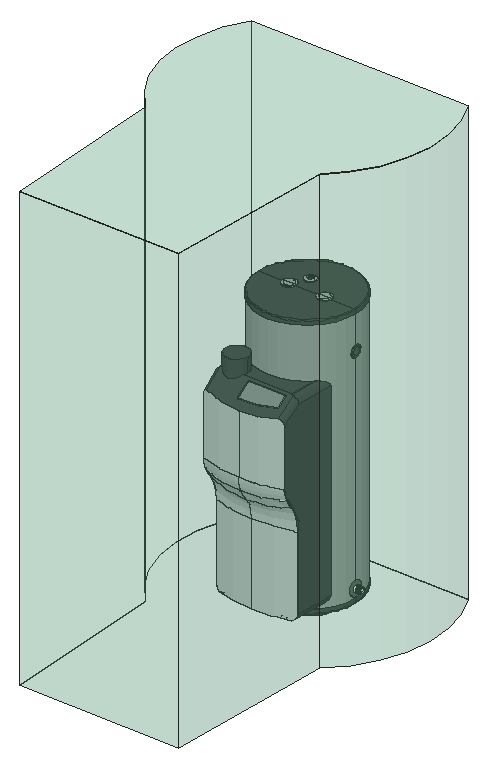
Revit family "Innovo NL_IR 32 380 NL NAT", category Mechanical Equipment, Revit 2015
Parameters (values of type "IR-32-380 NL NAT")
  Werkruimte Radius = Diameter + 170 mm  # 730 mm
  Werkruimte Hoogte = Hoogte + 1000 mm  # 2545 mm
  Werkruimte Afstand Voor = 1000 mm
  Werkruimte [instance] = yes
  Voorzorgsmaatregelen tijdens montage, installatie of onderhoud = "zie Gebruikers, Installatie, Service en Onderhouds handleiding"  # constant formula
  Voltage = 230 V  # constant formula
  Verpakkingslengte = 946 mm  # constant formula
  Verpakkingshoogte = 1695 mm
  Verpakkingsbreedte = 786 mm  # constant formula
  Uitsluitend werkend in daluren = no
  Type aanduiding = "IR-20-200"
  Transportgewicht = 122 kg
  Totaal Gewicht = 322 kg
  Stilstandsverlies - dagelijks (24u) = 0 W
  Stilstandsverlies = 0 W
  Standaard Afgesteld op = "G30/G31"
  Stand Regelthermostaat = 65 °C  # constant formula
  Soort Verpakking = "Karton en Hout"  # constant formula
  Slimme controlefunctie = no
  Setpoint thermostaat = 65 °C  # constant formula
  Seizoens Rendement (Hs) = [Rendement (Hs, vlgs. NEN-EN 89 - 1999)]  # 95
  Rendement (Hs, vlgs. NEN-EN 89 - 1999) = 95
  Rendement (Hi, vlgs. NEN-EN 89 - 1999) = 106
  Produktspecificaties Link = ""
  Produkthandleiding Link = ""
  Produkt Model Nummer (EAN-nummer) = "8717449283919"
  Onderhoudsinterval = "12 maanden"  # constant formula
  Nominale Belasting (Onderwaarde) = "20500.0/18000.0"
  Nominale Belasting (Bovenwaarde) = "21200.0/19600.0"
  Nominaal Vermogen = "21200.0/18700.0"
  NOx-uitstoot mg/kWh = "64.0/30.0"
  NOx-uitstoot (lucht vrij, 0% O2) ppm = "39.0/18.0"
  Min. Stand Regelthermostaat = 40 °C  # constant formula
  Max. Werkdruk = 800000.0 Pa
  Max. Stand Regelthermostaat = 85 °C  # constant formula
  Max. Rookgastemperatuur = 61 °C
  Ledig Gewicht = 106 kg
  Kraan Hoogte 02 = if(and(Hoogte = 1745 mm, Diameter = 675 mm), 1518 mm, if(and(Hoogte = 1745 mm, Diameter = 610 mm), 1534 mm, if(Hoogte = 1545 mm, 1328 mm, 1070 mm)))  # 1328 mm
  Kraan Hoogte 01 = if(and(Diameter > 560 mm), 693 mm, 604 mm)  # 604 mm
  Uitschakeldruk LDS < = 115.0 Pa
  URL = "www.aosmith.nl"
  Tapcapaciteit bij ΔT = 70°C  na 90 min. = 490.0 L
  Tapcapaciteit bij ΔT = 70°C  na 60 min. = 370.0 L
  Tapcapaciteit bij ΔT = 70°C  na 30 min. = 250.0 L
  Tapcapaciteit bij ΔT = 70°C  na 120 min. = 610.0 L
  Tapcapaciteit bij ΔT = 55°C  na 90 min. = 640.0 L
  Tapcapaciteit bij ΔT = 55°C  na 60 min. = 490.0 L
  Tapcapaciteit bij ΔT = 55°C  na 30 min. = 340.0 L
  Tapcapaciteit bij ΔT = 55°C  na 120 min. = 790.0 L
  Tapcapaciteit bij ΔT = 50°C  na 90 min. = 710.0 L
  Tapcapaciteit bij ΔT = 50°C  na 60 min. = 540.0 L
  Tapcapaciteit bij ΔT = 50°C  na 30 min. = 380.0 L
  Tapcapaciteit bij ΔT = 50°C na 120 min. = 870.0 L
  Tapcapaciteit bij ΔT = 44°C na 120 min. = 810.0 L
  Tapcapaciteit bij ΔT = 44°C  na 90 min. = 620.0 L
  Tapcapaciteit bij ΔT = 44°C  na 60 min. = 430.0 L
  Tapcapaciteit bij ΔT = 44°C  na 30 min. = 990.0 L
  Tapcapaciteit bij ΔT = 28°C na 90 min. = 1300.0 L
  Tapcapaciteit bij ΔT = 28°C na 60 min. = 990.0 L
  Tapcapaciteit bij ΔT = 28°C na 30 min. = 700.0 L
  Tapcapaciteit bij ΔT = 28°C na 120 min. = 1600.0 L
  Tapcapaciteit Continu bij ΔT = 70°C = 240.0 L/s
  Tapcapaciteit Continu bij ΔT = 55°C = 300.0 L/s
  Tapcapaciteit Continu bij ΔT = 50°C = 330.0 L/s
  Tapcapaciteit Continu bij ΔT = 44°C = 380.0 L/s
  Tapcapaciteit Continu bij ΔT = 28°C = 590.0 L/s
  Opwarmtijd bij ΔT = 70°C = "42"
  Opwarmtijd bij ΔT = 55°C = "33"
  Opwarmtijd bij ΔT = 50°C = "30"
  Opwarmtijd bij ΔT = 44°C = "27"
  Opwarmtijd bij ΔT = 28°C = "17"
  Model = "IR-20-200 NL LP"
  Manufacturer = "A.O. Smith Water Products Company b.v."  # constant formula
  Length = 780 mm  # constant formula
  Jaarlijks elektriciteitsverbruik (2) = "42 kWh"
  Jaarlijks elektriciteitsverbruik (1) = "40 kWh"
  Jaarlijks brandstofverbruik (2) = "21 GJ GCV"
  Jaarlijks brandstofverbruik (1) = "16 GJ GCV"
  Isolatiedikte = 50 mm
  Installatie Typen = "B23/C13/C33/C43/C53/C63"  # constant formula
  Inhoud = 200.0 L
  Hoogte Warm Water Uitlaat = 1545 mm
  Hoogte Rookgasafvoer = 1305 mm
  Hoogte Lucht Inlaat = 1305 mm
  Hoogte Koud Water Inlaat = 170 mm
  Hoogte Gas Aansluiting = 860 mm
  Hoogte = 1545 mm
  Handelsmerk = "A.O. Smith"  # constant formula
  Geluidsniveau dB (A) = "<45"  # constant formula
  Geluidsniveau binnen = "52 dB"
  Gasverbruik - Volume ltr/hr = "n.v.t."
  Gasverbruik - Massa kg/h = "1.60/1.40"
  Gascategorie = "II2EK3B/P"  # constant formula
  Gas Voordruk = 5000.0 Pa
  Gas Aansluiting = 15"  # constant formula
  Garrantie op Tank = "36 maanden"  # constant formula
  Garrantie op Onderdelen = "12 maanden"  # constant formula
  Frequentie = 50 Hz  # constant formula
  Fase = 1
  Fabrikantnummer = "E 7110"  # constant formula
  Energie-efficiëntieklasse voor waterverwarming (2) = "A"
  Energie-efficiëntieklasse voor waterverwarming (1) = "A"  # constant formula
  Energie-efficiëntie voor waterverwarming (2) = "90%"
  Energie-efficiëntie voor waterverwarming (1) = "91%"
  Elektrisch Vermogen (piek) = 85 W
  Elektrisch Vermogen (nominaal) = 36 W
  Diameter Schoorsteen - parallel systeem = "2x80"  # constant formula
  Diameter Schoorsteen - concentrisch systeem = "80/125 mm/mm"  # constant formula
  Diameter Schoorsteen - boiler = "80/125 mm/mm"  # constant formula
  Diameter = 560 mm
  Description = "Condenserende Hoog Rendementsboiler"  # constant formula
  Created By = "http://www.cadcompany.nl/"
  Capaciteitsprofiel = "XL"
  CO2-uitstoot (tol. +/- 1.0) vol% = "11.8/10.0"
  CE-PIN = "0063CQ3037"  # constant formula
  Breedte = Diameter  # 560 mm
  Bestemming / Land = "Nederland"  # constant formula
  BIM Content Developer = "CAD & Company"  # constant formula
  Assembly Code = "D3010"
  Ander capaciteitsprofiel = "XXL"
  Aansluiting Warm Water = 3/4"
  Aansluiting T&P = 3/4"
  Aansluiting Koud Water = 3/4"  # constant formula
  Aansluiting Condensafvoer = 40 mm  # constant formula
  Aansluiting Aftapkraan = 3/4"  # constant formula
  2e Onderhoud (algeheel onderhoud) = "12 maanden na installatie"  # constant formula
  1e Onderhoud (check-up) = "3 maanden na installatie"  # constant formula
Reference planes
  plane 1 "Center (Front/Back)": y = 0
  plane 2: z = 0
  plane 3 "Center (Left/Right)": x = 0
  plane 4 "Pipe": through (-383.901, 912.349, 194.799) normal (-0.0879, -0.0879, 0.9923)
  plane 5 "footing": y = 118.925
  plane 6 "footing front": y = -237.85
  plane 7: x = -280
  plane 8: x = 280
  plane 9: z = 1545
Forms (mm)
  Revolve 1, solid, material "RAL 9005", detail levels medium+fine
    sketch origin (0, -237.85, 0) x (-1, 0, 0) y (0, 0, 1)
      loop
        line (0, 28.9) -> (-15, 28.9) -> (-15, 26.4) -> (-8.671, 26.4) -> (-8.671, 18) -> (-5.686, 18) -> (-6.626, 17.06) -> (-6.626, 12.06) -> (-8.671, 12.06) -> (-8.671, 10) -> (-10.031, 10) -> (-23.271, 5.181)
        arc (-23.271, 5.181) -> (-23.763, 4.836) -> (-24.017, 4.293) r 1.159
        line (-24.017, 4.293) -> (-24.017, 1.03)
        arc (-24.017, 1.03) -> (-23.715, 0.302) -> (-22.986, 0) r 1.03
        line (-22.986, 0) -> (0, 0) -> (0, 28.9)
      axis (0, 28.9) -> (0, 0)
    angle from 0 to 360
  Revolve 2, solid, material "RAL 9005", detail levels medium+fine
    sketch origin (0, 118.925, 0) x (-1, 0, 0) y (0, 0, 1)
      loop
        line (-180.984, 28.9) -> (-195.984, 28.9) -> (-195.984, 26.4) -> (-189.655, 26.4) -> (-189.655, 18) -> (-186.67, 18) -> (-187.61, 17.06) -> (-187.61, 12.06) -> (-189.655, 12.06) -> (-189.655, 10) -> (-191.015, 10) -> (-204.256, 5.181)
        arc (-204.256, 5.181) -> (-204.747, 4.836) -> (-205.001, 4.293) r 1.159
        line (-205.001, 4.293) -> (-205.001, 1.03)
        arc (-205.001, 1.03) -> (-204.699, 0.302) -> (-203.971, 0) r 1.03
        line (-203.971, 0) -> (-180.984, 0) -> (-180.984, 28.9)
      axis (-180.984, 28.9) -> (-180.984, 0)
    angle from 0 to 360
  Revolve 3, solid, material "RAL 9005", detail levels medium+fine
    sketch origin (0, 118.925, 0) x (-1, 0, 0) y (0, 0, 1)
      loop
        line (179.016, 28.9) -> (164.016, 28.9) -> (164.016, 26.4) -> (170.345, 26.4) -> (170.345, 18) -> (173.33, 18) -> (172.39, 17.06) -> (172.39, 12.06) -> (170.345, 12.06) -> (170.345, 10) -> (168.985, 10) -> (155.744, 5.181)
        arc (155.744, 5.181) -> (155.253, 4.836) -> (154.999, 4.293) r 1.159
        line (154.999, 4.293) -> (154.999, 1.03)
        arc (154.999, 1.03) -> (155.301, 0.302) -> (156.029, 0) r 1.03
        line (156.029, 0) -> (179.016, 0) -> (179.016, 28.9)
      axis (179.016, 28.9) -> (179.016, 0)
    angle from 0 to 360
Lines and regions (mm)
  symbolic lines
    curve 1: line (0, 280.06, 0) -> (0, -280.06, 0)
    curve 2: line (-255.06, 0, 0) -> (255.06, 0, 0)
  symbolic lines, style "Workspace"
    curve 3: line (623.261, 380.06, 0) -> (-623.261, 380.06, 0)
    curve 4: arc (-623.261, 380.06, 0) -> (-726.942, -66.745, 0) -> (-543.632, -487.2, 0) r 730
    curve 5: line (-543.632, -487.2, 0) -> (-396.783, -1492.825, 0)
    curve 6: line (-396.783, -1492.825, 0) -> (399.03, -1492.825, 0)
    curve 7: line (399.03, -1492.825, 0) -> (545.76, -484.816, 0)
    curve 8: arc (545.76, -484.816, 0) -> (727.087, -65.154, 0) -> (623.261, 380.06, 0) r 730
Dimensions and locks
  plane 5 "footing" to plane 1 "Center (Front/Back)" = 118.925 mm
  plane 1 "Center (Front/Back)" to plane 6 "footing front" = 237.85 mm
  "Diameter": plane 7 to plane 8
  equal spacing: plane 7, plane 3 "Center (Left/Right)", plane 8
  "Hoogte": plane 9 to plane 2
  "Werkruimte Afstand Voor": curve 6 to nested 3
  "Werkruimte Radius": radius of curve 4
  "Werkruimte Radius": radius of curve 8
  aligned and locked: level to plane 2
  aligned and locked: nested 3 to Revolve 1 sketch curve
  aligned and locked: plane 3 "Center (Left/Right)" to Revolve 1 sketch curve
  aligned and locked: nested 3 to plane 1 "Center (Front/Back)"
  aligned and locked: plane 3 "Center (Left/Right)" to nested 3
  aligned and locked: nested 1 to plane 8
  aligned and locked: nested 5 to plane 8
  aligned and locked: nested 2 to plane 7
  aligned and locked: nested 4 to plane 7
  aligned and locked: nested 7 to plane 7
  aligned and locked: nested 8 to plane 3 "Center (Left/Right)"
  aligned and locked: curve 3 to nested 8
  aligned and locked: nested 8 to nested 3
Automatic sketch dimensions
  Revolve 1 sketch curve to level = 0 mm
  plane 3 "Center (Left/Right)" to Revolve 1 sketch curve = 5.686 mm
  Revolve 1 sketch curve to Revolve 1 sketch curve = 0.94 mm  (x2)
  Revolve 1 sketch curve to Revolve 1 sketch curve = 2.046 mm  (x2)
  Revolve 1 sketch curve to Revolve 1 sketch curve = 1.359 mm
  Revolve 1 sketch curve to Revolve 1 sketch curve = 6.329 mm
  level to Revolve 1 sketch curve = 4.091 mm
  Revolve 1 sketch curve to Revolve 1 sketch curve = 12.844 mm
  level to Revolve 1 sketch curve = 1.03 mm
  Revolve 1 sketch curve to Revolve 1 sketch curve = 0.111 mm
  level to Revolve 1 sketch curve = 5.181 mm
  Revolve 1 sketch curve to Revolve 1 sketch curve = 0.745 mm
  level to Revolve 1 sketch curve = 10 mm
  Revolve 1 sketch curve to Revolve 1 sketch curve = 2.06 mm
  Revolve 1 sketch curve to Revolve 1 sketch curve = 5 mm
  Revolve 1 sketch curve to Revolve 1 sketch curve = 8.4 mm
  Revolve 1 sketch curve to Revolve 1 sketch curve = 2.5 mm
  Revolve 1 sketch curve to level = 19.635 mm
  Revolve 1 sketch curve to Revolve 1 sketch curve = 46.465 mm
  Revolve 2 sketch curve to level = 0 mm
  level to Revolve 2 sketch curve = 1.03 mm
  Revolve 2 sketch curve to plane 8 = 74.999 mm
  level to Revolve 2 sketch curve = 5.181 mm
  Revolve 2 sketch curve to Revolve 2 sketch curve = 0.745 mm
  Revolve 2 sketch curve to Revolve 2 sketch curve = 0.397 mm
  Revolve 2 sketch curve to Revolve 2 sketch curve = 8.271 mm
  Revolve 2 sketch curve to Revolve 2 sketch curve = 13.241 mm
  Revolve 2 sketch curve to Revolve 2 sketch curve = 1.359 mm
  Revolve 2 sketch curve to Revolve 2 sketch curve = 6.329 mm
  Revolve 2 sketch curve to Revolve 2 sketch curve = 2.046 mm
  level to Revolve 2 sketch curve = 18 mm
  Revolve 2 sketch curve to Revolve 2 sketch curve = 0.94 mm  (x2)
  Revolve 2 sketch curve to Revolve 2 sketch curve = 8.671 mm
  Revolve 2 sketch curve to Revolve 2 sketch curve = 1.089 mm
  Revolve 2 sketch curve to Revolve 2 sketch curve = 8 mm
  Revolve 2 sketch curve to Revolve 2 sketch curve = 2.06 mm
  Revolve 2 sketch curve to Revolve 2 sketch curve = 8.4 mm
  Revolve 2 sketch curve to Revolve 2 sketch curve = 2.5 mm
  Revolve 2 sketch curve to Revolve 2 sketch curve = 0 mm
  Revolve 2 sketch curve to level = 19.635 mm
  Revolve 2 sketch curve to Revolve 2 sketch curve = 46.465 mm
  Revolve 3 sketch curve to level = 0 mm
  level to Revolve 3 sketch curve = 1.03 mm
  Revolve 3 sketch curve to plane 7 = 125.001 mm
  level to Revolve 3 sketch curve = 5.181 mm
  Revolve 3 sketch curve to Revolve 3 sketch curve = 0.745 mm
  Revolve 3 sketch curve to Revolve 3 sketch curve = 0.397 mm
  Revolve 3 sketch curve to Revolve 3 sketch curve = 8.271 mm
  Revolve 3 sketch curve to Revolve 3 sketch curve = 13.241 mm
  Revolve 3 sketch curve to Revolve 3 sketch curve = 1.359 mm
  Revolve 3 sketch curve to Revolve 3 sketch curve = 6.329 mm
  Revolve 3 sketch curve to Revolve 3 sketch curve = 2.046 mm
  level to Revolve 3 sketch curve = 18 mm
  Revolve 3 sketch curve to Revolve 3 sketch curve = 0.94 mm  (x2)
  Revolve 3 sketch curve to Revolve 3 sketch curve = 8.671 mm
  Revolve 3 sketch curve to Revolve 3 sketch curve = 1.089 mm
  Revolve 3 sketch curve to Revolve 3 sketch curve = 8 mm
  Revolve 3 sketch curve to Revolve 3 sketch curve = 2.06 mm
  Revolve 3 sketch curve to Revolve 3 sketch curve = 8.4 mm
  Revolve 3 sketch curve to Revolve 3 sketch curve = 2.5 mm
  Revolve 3 sketch curve to Revolve 3 sketch curve = 0 mm
  Revolve 3 sketch curve to level = 19.635 mm
  Revolve 3 sketch curve to Revolve 3 sketch curve = 46.465 mm
  curve 4 to curve 8 = 0 mm  (x2)
  plane 1 "Center (Front/Back)" to curve 2 = 0 mm
  curve 1 to plane 3 "Center (Left/Right)" = 0 mm
  plane 1 "Center (Front/Back)" to curve 4 = 0 mm
  curve 4 to plane 3 "Center (Left/Right)" = 0 mm
  curve 5 to plane 6 "footing front" = 249.35 mm
  plane 7 to curve 5 = 116.783 mm
  plane 8 to curve 7 = 119.03 mm
  curve 7 to plane 6 "footing front" = 246.966 mm
  curve 2 to plane 7 = 24.94 mm
  curve 2 to plane 8 = 24.94 mm
  curve 1 to plane 6 "footing front" = 42.21 mm
  plane 5 "footing" to curve 1 = 161.135 mm
Nested families
  nested 1: "Valve" at (280, -0.38, 1328) x (0, 1, 0) z (0, 0, 1), built-in parameter 1001364 <- "Kraan Hoogte 02", type "Valve"
  nested 2: "Drain Valve" at (-280, 0, 1328), built-in parameter 1001364 <- "Kraan Hoogte 02", type "Drain Valve"
  nested 3: "Housing Mother Housing S 57 (external)" at (0, -274.886, 0), type "Housing Mother_Housing S_57"
  nested 4: "Drain Valve" at (-280, 0, 177), type "Drain Valve"
  nested 5: "Drain Valve" at (280, 0, 107) x (-1, 0, 0) z (0, 0, 1), type "Drain Valve"
  nested 6: "Boiler" at (0, 0, 0), height <- "Hoogte", type "Boiler"
    with height 1545 mm
  nested 7: "Drain Valve" at (-280, 0, 604), built-in parameter 1001364 <- "Kraan Hoogte 01", type "Drain Valve"
  nested 8: "Innovo_workspace" at (0, 0, 0), Workspace <- "Werkruimte", Workspace Distance Front <- "Werkruimte Afstand Voor", Workspace Height <- "Werkruimte Hoogte", Workspace Radius <- "Werkruimte Radius", type "Workspace"
    with Workspace Radius 730 mm, Workspace Height 2545 mm, Workspace Distance Front 1000 mm, Workspace yes, Center to Front 492.825 mm
Connectors
  piping at (314.826, 0, 107), diameter 19.05, driven by "Aansluiting Aftapkraan"
    settings: on nested 5, index 1, connector inside diameter 24", connector length 0 mm, flow factor 0, pipe flow 0.0 L/s, pressure drop 0.0 Pa, fitting loss kfactor 0, connector angle 0.00°, fixture units 0, engagement length 0 mm, angle of deflection 0.00°, flow configuration 0, flow direction 0, fitting loss method 0, system type 19, joint type 0, gender type 0, connector reference index -1, connector utility 0, adjustable connector no, is connector primary yes, connector description ""
  hvac at (-147.013, -321.326, 1310.674)
    settings: on nested 3, index 2, duct flow 0.0 L/s, flow factor 0, pres drop 0.0 Pa, loss coef 0, conn angle 0.00°, conn width 304.8 mm, conn height 304.8 mm, conn diameter 125 mm, duct sys type 4, conn prof type 0, flow config 0, flow direction 0, loss method 0, conn ref index -1, conn util no, is conn primary yes, conn desc ""
Definition of nested family "Valve"
  Parameters (values of type "Valve")
    Type Comments = "T&P valve (internal)"
    Manufacturer = "A.O. Smith"
  Reference planes
    plane 1 "Center (Front/Back)": y = 0
    plane 2: z = 0
    plane 3 "Center (Left/Right)": x = 0
  Forms (mm)
    Extrusion 1, solid, detail levels fine
      sketch origin (0, 0, 0) x (1, 0, 0) y (0, 0, 1)
        loop
          circle (0, 0) r 31.5
      from -2.271 to 1.4
    Sweep 2, solid, detail levels fine
      path origin (0, -1.4, 0) x (1, 0, 0) y (0, 0, 1)
        loop
          circle (0, 0) r 31.5
      profile origin (0, -1.4, 31.5) x (0, 0, -1) y (0, -1, 0)
        loop
          line (7.3, 0) -> (7.3, 3) -> (0, 0) -> (7.3, 0)
  Dimensions and locks
    aligned and locked: level to plane 2
Definition of nested family "Drain Valve"
  Reference planes
    plane 1 "Center (Front/Back)": y = 0
    plane 2: z = 0
    plane 3 "Center (Left/Right)": x = 0
  Forms (mm)
    Revolve 1, solid, detail levels medium+fine
      sketch origin (0, 0, 0) x (1, 0, 0) y (0, 0, 1)
        loop
          line (-33.442, 15.696) -> (-34.826, 14.329) -> (-34.93, 12.731) -> (-16.555, 12.731) -> (-16.555, 0) -> (15.787, 0) -> (15.787, 18.3) -> (-14.4, 18.3) -> (-17.148, 15.533) -> (-18.729, 16.697) -> (-20.091, 15.333) -> (-21.672, 16.496) -> (-23.034, 15.133) -> (-24.614, 16.296) -> (-25.976, 14.932) -> (-27.557, 16.096) -> (-28.919, 14.732) -> (-30.5, 15.896) -> (-31.862, 14.532) -> (-33.442, 15.696)
        axis (-34.93, 0) -> (15.787, 0)
      angle from 0 to 360
  Dimensions and locks
    aligned and locked: level to plane 2
  Nested families
    nested 1: "Rubber sealing" at (2.592, -0.155, 0) x (0.0023, -1, 0) z (0, 0, 1), type "Rubber sealing", detail levels fine
  Definition of nested family "Rubber sealing"
    Reference planes
      plane 1 "Center (Front/Back)": y = 0
      plane 2: z = 0
      plane 3 "Center (Left/Right)": x = 0
    Forms (mm)
      Extrusion 1, solid, detail levels fine
        sketch origin (141.861, 319.581, 0) x (1, 0, 0) y (0, 1, 0)
          loop
            line (-216.354, -311.898) -> (-216.354, -313.94)
            arc (-216.354, -313.94) -> (-141.602, -321.581) -> (-66.861, -313.835) r 366.966
            line (-66.861, -313.835) -> (-66.861, -311.791)
            arc (-66.861, -311.791) -> (-141.602, -319.581) -> (-216.354, -311.898) r 364.966
        from -80 to 80
      Extrusion 2, void
        sketch origin (141.861, 319.581, 0) x (1, 0, 0) y (0, 0, 1)
          loop
            circle (-141.861, 0) r 13
          loop
            circle (-141.861, 0) r 110
          loop
            circle (-141.861, 0) r 40
        from 311.563 to 332.684
      Extrusion 3, void
        sketch origin (141.861, 319.581, 0) x (1, 0, 0) y (0, 0, 1)
          loop
            circle (-141.861, 0) r 18.25
        from 315.524 to 326.084
    Cuts and joins
      Extrusion 2, Extrusion 3 cuts Extrusion 1
    Dimensions and locks
      aligned and locked: level to plane 2
Definition of nested family "Housing Mother Housing S 57 (external)"
  Parameters (values of type "Housing Mother_Housing S_57")
    radius [instance] = 280 mm
    distance to boiler center = if(diameter = 675 mm, 189 mm, if(diameter = 610 mm, 154 mm, 129 mm))  # 129 mm
    diameter = 560 mm
  Reference planes
    plane 1 "Center (Front/Back)": y = 0
    plane 2: z = 0
    plane 3 "Center (Left/Right)": x = 0
    plane 4 "left": through (-245.286, 145.886, 1200) normal (0.9994, 0.0349, 0)
    plane 5: y = -217.939
    plane 6: y = 145.886
    plane 7: z = 1232.6
    plane 8: z = 65.89
    plane 9 "right": through (245.286, 145.886, 1200) normal (0.9994, -0.0349, 0)
    plane 10 "display": through (0, -90.37, 1221.196) normal (0, -0.5736, 0.8192)
    plane 11 "Potentiostat": z = 867.899
    plane 12 "boiler center": y = 274.886
    plane 13: x = -280
    plane 14: x = 280
  Forms (mm)
    Extrusion 1, solid
      sketch origin (0, 0, 0) x (1, 0, 0) y (0, 1, 0)
        loop
          line (-245.286, 145.886) -> (-232.581, -217.939) -> (232.581, -217.939) -> (245.286, 145.886)
          arc (245.286, 145.886) -> (0, 0.923) -> (-245.286, 145.886) r 280
      from 0 to 1232.6
    Sweep 2, void
      path origin (0, 0, 0) x (0, 1, 0) y (0, 0, 1)
        loop
          line (-217.939, 1232.6) -> (-217.939, 795.555)
          arc (-217.939, 795.555) -> (-212.387, 754.285) -> (-197.694, 715.322) r 183.924
          arc (-197.694, 715.322) -> (-179.915, 684.628) -> (-159.106, 655.901) r 348.284
          arc (-159.106, 655.901) -> (-131.411, 600.328) -> (-121.88, 538.973) r 202.254
          line (-121.88, 538.973) -> (-121.88, 61.106)
      profile origin (0, -217.939, 1014.077) x (1, 0, 0) y (0, 1, 0)
        loop
          arc (0, 0) -> (-117.533, 9.941) -> (-231.728, 39.475) r 699.984
          arc (-231.728, 39.475) -> (-233.391, 40.705) -> (-234.07, 42.659) r 3.505
          line (-234.07, 42.659) -> (-254.062, 42.659) -> (-254.062, -142.593) -> (254.07, -142.593) -> (254.07, 42.659) -> (234.07, 42.659)
          arc (234.07, 42.659) -> (233.391, 40.705) -> (231.728, 39.475) r 3.505
          arc (231.728, 39.475) -> (117.533, 9.941) -> (0, 0) r 699.984
    Extrusion 3, void
      sketch origin (0, 0, 0) x (0, 1, 0) y (0, 0, 1)
        loop
          arc (102.864, 70.869) -> (99.804, 70.709) -> (96.874, 69.813) r 12.57
          arc (96.874, 69.813) -> (87.878, 66.533) -> (78.516, 64.529) r 69.114
          arc (78.516, 64.529) -> (76.41, 64.284) -> (74.294, 64.148) r 41.206
          arc (74.294, 64.148) -> (65.203, 64.335) -> (56.122, 64.782) r 318.661
          arc (56.122, 64.782) -> (30.585, 66.179) -> (5.028, 67.128) r 1456.581
          line (5.028, 67.128) -> (-84.534, 73.135)
          arc (-84.534, 73.135) -> (-86.363, 73.808) -> (-87.536, 75.365) r 3.455
          line (-87.536, 75.365) -> (-264.473, 75.365) -> (-264.473, 0) -> (160.886, 0) -> (160.886, 103.945) -> (145.886, 103.945)
          arc (145.886, 103.945) -> (145.104, 97.827) -> (142.923, 92.059) r 26.364
          arc (142.923, 92.059) -> (141.067, 88.936) -> (138.867, 86.045) r 31.715
          arc (138.867, 86.045) -> (135.576, 82.49) -> (132.021, 79.2) r 62.615
          arc (132.021, 79.2) -> (125.841, 74.697) -> (119.091, 71.103) r 54.444
          arc (119.091, 71.103) -> (116.371, 70.272) -> (113.531, 70.123) r 11.669
          line (113.531, 70.123) -> (102.864, 70.869)
      from -254.062 to 254.07
    Sweep 4, void
      path origin (0, 0, 0) x (1, 0, 0) y (0, 1, 0)
        loop
          line (-245.286, 145.886) -> (-232.581, -217.939)
      profile origin (-238.933, -36.027, 0) x (0.999391, 0.034899, 0) y (0, 0, 1)
        loop
          line (-4.454, 0) -> (47.084, 0) -> (47.084, 73.431)
          arc (47.084, 73.431) -> (14.222, 85.134) -> (0.255, 117.1) r 43.922
          line (0.255, 117.1) -> (-4.454, 117.1) -> (-4.454, 0)
    Sweep 5, void
      path origin (0, 0, 0) x (-1, 0, 0) y (0, 1, 0)
        loop
          line (-245.286, 145.886) -> (-232.581, -217.939)
      profile origin (238.933, -36.027, 0) x (0.999391, -0.034899, 0) y (0, 0, 1)
        loop
          line (4.454, 0) -> (4.454, 117.1) -> (-0.255, 117.1)
          arc (-0.255, 117.1) -> (-14.222, 85.134) -> (-47.084, 73.431) r 43.922
          line (-47.084, 73.431) -> (-47.084, 0) -> (4.454, 0)
    Sweep 6, void
      path origin (-239.899, -8.377, 0) x (-0.034899, 0.999391, 0) y (0, 0, 1)
        loop
          line (-209.69, 1141.272) -> (-79.18, 1232.6) -> (154.358, 1232.6)
      profile origin (-241.211, 29.188, 1232.6) x (0, 0, 1) y (0.999391, 0.034899, 0)
        loop
          line (-45, -30) -> (75, -30) -> (75, 0) -> (75, 55) -> (2.799, 55) -> (-1.253, 35.128)
          arc (-1.253, 35.128) -> (-16.771, 9.564) -> (-45, -0.308) r 44.287
          line (-45, -0.308) -> (-45, -30)
    Sweep 7, void
      path origin (239.899, -8.377, 0) x (0.034899, 0.999391, 0) y (0, 0, 1)
        loop
          line (-209.69, 1141.272) -> (-79.18, 1232.6) -> (154.358, 1232.6)
      profile origin (241.211, 29.188, 1232.6) x (0, 0, -1) y (-0.999391, 0.034899, 0)
        loop
          line (-75, -25) -> (45, -25) -> (45, -0.308)
          arc (45, -0.308) -> (16.771, 9.564) -> (1.253, 35.128) r 44.287
          line (1.253, 35.128) -> (-2.799, 55) -> (-75, 55) -> (-75, -25)
    Extrusion 8, void
      sketch origin (0, 0, 0) x (0, 1, 0) y (0, 0, 1)
        loop
          line (-270, 1336.099) -> (-270, 1099.081) -> (68.497, 1336.099) -> (-270, 1336.099)
      from -425.038 to 444.42
    Extrusion 9, solid, detail levels medium+fine
      sketch origin (0, 0, 0) x (1, 0, 0) y (0, 1, 0)
        loop
          circle (-147.013, -46.44) r 65
      from 1163.174 to 1310.674
    Extrusion 10, void
      sketch origin (0, -603.506, 861.895) x (0, 0.819152, 0.573576) y (-1, 0, 0)
        loop
          arc (618.322, -173) -> (623.272, -170.95) -> (625.322, -166) r 7
          line (625.322, -166) -> (625.322, 35)
          arc (625.322, 35) -> (623.272, 39.95) -> (618.322, 42) r 7
          line (618.322, 42) -> (535.473, 42)
          arc (535.473, 42) -> (530.688, 40.11) -> (528.488, 35.46) r 7
          arc (528.488, 35.46) -> (531.569, -67.592) -> (554.18, -168.18) r 540
          arc (554.18, -168.18) -> (556.724, -171.668) -> (560.831, -173) r 7
          line (560.831, -173) -> (618.322, -173)
      from 0 to 137.286
    Sweep 11, solid, detail levels fine
      path origin (0, 0, 867.899) x (-1, 0, 0) y (0, -1, 0)
        loop
          line (309.749, -35.617) -> (204.371, -35.617)
          arc (204.371, -35.617) -> (196.509, -34.687) -> (189.082, -31.947) r 33.677
          line (189.082, -31.947) -> (-9.574, 69.274)
      profile origin (-257.06, 35.617, 867.899) x (0, 1, 0) y (0, 0, 1)
        loop
          circle (0, 0) r 7.316
        loop
          circle (0, 0) r 6.465
    Revolve 12, void
      sketch origin (0, 274.886, 0) x (-1, 0, 0) y (0, 0, 1)
        loop
          line (280, 1243.838) -> (0, 1243.838) -> (0, 54.9) -> (280, 54.9) -> (280, 1243.838)
        axis (0, 1243.838) -> (0, 54.9)
      angle from 0 to 360
  Cuts and joins
    Sweep 2, Extrusion 3, Sweep 4, Sweep 5, Sweep 6, Sweep 7, Extrusion 8, Extrusion 10, Revolve 12 cuts Extrusion 1
  Dimensions and locks
    plane 8 to plane 2 = 65.89 mm
    plane 7 to plane 8 = 1166.71 mm
    "distance to boiler center": plane 12 "boiler center" to plane 6
    "diameter": plane 14 to plane 13
    equal spacing: plane 14, plane 3 "Center (Left/Right)", plane 13
    "radius": plane 3 "Center (Left/Right)" to plane 13
    aligned and locked: level to plane 2
    aligned and locked: Extrusion 1 to plane 7
    aligned and locked: Extrusion 1 sketch curve to plane 5
    aligned and locked: Sweep 2 to Extrusion 3
    aligned and locked: Extrusion 3 to Sweep 2  (x2)
    aligned and locked: plane 7 to Sweep 2 sketch curve
    aligned and locked: plane 3 "Center (Left/Right)" to Revolve 12 sketch curve
    aligned and locked: Revolve 12 sketch curve to plane 3 "Center (Left/Right)"
    aligned and locked: plane 13 to Revolve 12 sketch curve
  Automatic sketch dimensions
    Extrusion 1 sketch curve to plane 4 "left" = 0 mm  (x2)
    Extrusion 1 sketch curve to plane 6 = 0 mm  (x2)
    Extrusion 1 sketch curve to plane 3 "Center (Left/Right)" = 0 mm
    Extrusion 1 sketch curve to plane 9 "right" = 0 mm
    plane 6 to Extrusion 1 sketch curve = 135.037 mm
    Sweep 2 sketch curve to plane 5 = 0 mm
    plane 5 to Sweep 2 sketch curve = 106.195 mm
    Sweep 2 sketch curve to plane 5 = 96.059 mm
    plane 1 "Center (Front/Back)" to Sweep 2 sketch curve = 34.053 mm
    plane 11 "Potentiostat" to Sweep 2 sketch curve = 6.417 mm
    Sweep 2 sketch curve to plane 6 = 33.705 mm
    Sweep 2 sketch curve to plane 11 "Potentiostat" = 68.615 mm
    Sweep 2 sketch curve to plane 11 "Potentiostat" = 72.345 mm
    Sweep 2 sketch curve to Sweep 2 sketch curve = 176.349 mm
    Sweep 2 sketch curve to Sweep 2 sketch curve = 0 mm  (x2)
    plane 8 to Sweep 2 sketch curve = 4.784 mm
    Extrusion 3 sketch curve to level = 0 mm
    Extrusion 3 sketch curve to plane 6 = 0 mm
    Extrusion 3 sketch curve to plane 6 = 26.363 mm
    Extrusion 3 sketch curve to Extrusion 3 sketch curve = 4.75 mm
    Extrusion 3 sketch curve to Extrusion 3 sketch curve = 5.179 mm
    Extrusion 3 sketch curve to plane 8 = 4.232 mm
    Extrusion 3 sketch curve to Extrusion 3 sketch curve = 0.814 mm
    Extrusion 3 sketch curve to plane 8 = 4.978 mm
    Extrusion 3 sketch curve to Extrusion 3 sketch curve = 10.667 mm
    Extrusion 3 sketch curve to Extrusion 3 sketch curve = 0.877 mm
    Extrusion 3 sketch curve to Extrusion 3 sketch curve = 17.827 mm
    Extrusion 3 sketch curve to Extrusion 3 sketch curve = 5.646 mm
    Extrusion 3 sketch curve to plane 6 = 69.562 mm
    Extrusion 3 sketch curve to Extrusion 3 sketch curve = 18.6 mm
    Extrusion 3 sketch curve to Extrusion 3 sketch curve = 22.538 mm
    Extrusion 3 sketch curve to plane 8 = 1.238 mm
    Extrusion 3 sketch curve to plane 1 "Center (Front/Back)" = 5.028 mm
    plane 1 "Center (Front/Back)" to Extrusion 3 sketch curve = 36.224 mm
    Extrusion 3 sketch curve to plane 8 = 10.692 mm
    plane 1 "Center (Front/Back)" to Extrusion 3 sketch curve = 84.302 mm
    Extrusion 3 sketch curve to plane 8 = 7.244 mm
    Extrusion 3 sketch curve to Extrusion 3 sketch curve = 0.231 mm
    Extrusion 3 sketch curve to Extrusion 3 sketch curve = 3.234 mm
    plane 5 to Extrusion 3 sketch curve = 46.534 mm
    plane 6 to Extrusion 3 sketch curve = 15 mm
    Extrusion 3 sketch curve to level = 1388.869 mm
    plane 8 to Extrusion 3 sketch curve = 7.561 mm
    Extrusion 3 sketch curve to Extrusion 3 sketch curve = 11.64 mm
    Extrusion 3 sketch curve to plane 8 = 38.054 mm
    Extrusion 3 sketch curve to Extrusion 3 sketch curve = 22.442 mm
    Extrusion 3 sketch curve to plane 8 = 39.432 mm
    Extrusion 3 sketch curve to Extrusion 3 sketch curve = 2.466 mm
    Extrusion 3 sketch curve to Extrusion 3 sketch curve = 14.17 mm
    Extrusion 3 sketch curve to Extrusion 3 sketch curve = 5.925 mm
    Extrusion 3 sketch curve to Extrusion 3 sketch curve = 6.186 mm
    Extrusion 3 sketch curve to Extrusion 3 sketch curve = 249.85 mm
    Extrusion 3 sketch curve to Extrusion 3 sketch curve = 0 mm  (x4)
    Extrusion 3 sketch curve to Extrusion 3 sketch curve = 6.845 mm
    plane 8 to Extrusion 3 sketch curve = 1.743 mm
    Sweep 4 sketch curve to plane 4 "left" = 0 mm  (x2)
    Sweep 4 sketch curve to plane 6 = 0 mm
    plane 5 to Sweep 4 sketch curve = 0 mm
    Sweep 4 sketch curve to level = 0 mm
    profile plane to Sweep 4 sketch curve = 4.454 mm
    Sweep 4 sketch curve to profile plane = 0.255 mm
    Sweep 4 sketch curve to Sweep 4 sketch curve = 43.922 mm
    Sweep 4 sketch curve to profile plane = 47.084 mm
    level to Sweep 4 sketch curve = 73.431 mm
    Sweep 4 sketch curve to Sweep 4 sketch curve = 43.669 mm
    Sweep 5 sketch curve to plane 6 = 0 mm
    Sweep 5 sketch curve to plane 9 "right" = 0 mm  (x2)
    plane 5 to Sweep 5 sketch curve = 0 mm
    Sweep 5 sketch curve to level = 0 mm
    profile plane to Sweep 5 sketch curve = 47.084 mm
    Sweep 5 sketch curve to Sweep 5 sketch curve = 2.907 mm
    profile plane to Sweep 5 sketch curve = 0.255 mm
    Sweep 5 sketch curve to profile plane = 4.454 mm
    level to Sweep 5 sketch curve = 73.431 mm
    Sweep 5 sketch curve to Sweep 5 sketch curve = 43.669 mm
    Sweep 6 sketch curve to plane 7 = 0 mm
    plane 7 to Sweep 6 sketch curve = 91.328 mm
    Sweep 6 sketch curve to Sweep 6 sketch curve = 130.509 mm
    Sweep 6 sketch curve to Sweep 6 sketch curve = 233.538 mm
    Sweep 6 sketch curve to plane 4 "left" = 0 mm
    profile plane to Sweep 6 sketch curve = 45 mm
    Sweep 6 sketch curve to Sweep 6 sketch curve = 0.354 mm
    profile plane to Sweep 6 sketch curve = 1.253 mm
    Sweep 6 sketch curve to profile plane = 2.799 mm
    Sweep 6 sketch curve to Sweep 6 sketch curve = 72.201 mm
    Sweep 6 sketch curve to plane 4 "left" = 0.308 mm
    Sweep 6 sketch curve to Sweep 6 sketch curve = 29.692 mm
    plane 4 "left" to Sweep 6 sketch curve = 35.128 mm
    plane 4 "left" to Sweep 6 sketch curve = 55 mm
    Sweep 7 sketch curve to plane 7 = 0 mm
    Sweep 7 sketch curve to plane 7 = 91.328 mm
    Sweep 7 sketch curve to Sweep 7 sketch curve = 130.509 mm
    Sweep 7 sketch curve to Sweep 7 sketch curve = 233.538 mm
    Sweep 7 sketch curve to plane 9 "right" = 25 mm
    profile plane to Sweep 7 sketch curve = 75 mm
    profile plane to Sweep 7 sketch curve = 2.799 mm
    Sweep 7 sketch curve to profile plane = 1.253 mm
    Sweep 7 sketch curve to Sweep 7 sketch curve = 43.393 mm
    Sweep 7 sketch curve to profile plane = 45 mm
    Sweep 7 sketch curve to plane 9 "right" = 0.308 mm
    plane 9 "right" to Sweep 7 sketch curve = 35.128 mm
    Sweep 7 sketch curve to Sweep 7 sketch curve = 19.872 mm
    plane 5 to Extrusion 8 sketch curve = 52.061 mm
    Extrusion 8 sketch curve to plane 1 "Center (Front/Back)" = 68.497 mm
    plane 7 to Extrusion 8 sketch curve = 133.519 mm
    Extrusion 8 sketch curve to plane 7 = 103.499 mm
    plane 1 "Center (Front/Back)" to Extrusion 9 sketch curve = 46.44 mm
    Extrusion 9 sketch curve to plane 3 "Center (Left/Right)" = 147.013 mm
    Extrusion 10 sketch curve to plane 3 "Center (Left/Right)" = 0 mm
    Extrusion 10 sketch curve to plane 3 "Center (Left/Right)" = 35 mm
    Extrusion 10 sketch curve to Extrusion 10 sketch curve = 25.359 mm
    Extrusion 10 sketch curve to Extrusion 10 sketch curve = 57.491 mm
    Extrusion 10 sketch curve to plane 3 "Center (Left/Right)" = 42 mm
    Extrusion 10 sketch curve to Extrusion 10 sketch curve = 82.85 mm
    Extrusion 10 sketch curve to Extrusion 10 sketch curve = 7 mm
    Extrusion 10 sketch curve to Extrusion 10 sketch curve = 442 mm
    plane 3 "Center (Left/Right)" to Extrusion 10 sketch curve = 166 mm
    Extrusion 10 sketch curve to Extrusion 10 sketch curve = 0 mm  (x2)
    Sweep 11 sketch curve to plane 1 "Center (Front/Back)" = 31.947 mm
    Sweep 11 sketch curve to plane 3 "Center (Left/Right)" = 189.082 mm
    Sweep 11 sketch curve to plane 1 "Center (Front/Back)" = 1.94 mm
    Sweep 11 sketch curve to Sweep 11 sketch curve = 15.289 mm
    plane 3 "Center (Left/Right)" to Sweep 11 sketch curve = 9.574 mm
    Sweep 11 sketch curve to Sweep 11 sketch curve = 105.378 mm
    plane 1 "Center (Front/Back)" to Sweep 11 sketch curve = 69.274 mm
    Sweep 11 sketch curve to Sweep 11 sketch curve = 0 mm  (x2)
    Sweep 11 sketch curve to plane 11 "Potentiostat" = 0 mm
    Sweep 11 sketch curve to profile plane = 0 mm
    plane 8 to Revolve 12 sketch curve = 10.99 mm
    Revolve 12 sketch curve to plane 7 = 11.238 mm
    Revolve 12 sketch curve to level = 366.045 mm
    Revolve 12 sketch curve to Revolve 12 sketch curve = 971.917 mm
    Sweep 2 sketch curve to plane 3 "Center (Left/Right)" = 0 mm
    profile plane to Sweep 2 sketch curve = 0 mm
    Sweep 2 sketch curve to plane 3 "Center (Left/Right)" = 0.016 mm
    Sweep 2 sketch curve to profile plane = 42.782 mm  (x2)
    Sweep 2 sketch curve to plane 3 "Center (Left/Right)" = 230.568 mm
    plane 3 "Center (Left/Right)" to Sweep 2 sketch curve = 0.016 mm
    plane 3 "Center (Left/Right)" to Sweep 2 sketch curve = 230.568 mm
    Sweep 2 sketch curve to Sweep 2 sketch curve = 3.502 mm  (x2)
    Sweep 2 sketch curve to Sweep 2 sketch curve = 20 mm
    profile plane to Sweep 2 sketch curve = 142.593 mm
    Sweep 2 sketch curve to Sweep 2 sketch curve = 0.122 mm  (x2)
    Sweep 2 sketch curve to Sweep 2 sketch curve = 657.203 mm
    Sweep 2 sketch curve to Sweep 2 sketch curve = 19.991 mm
    radius of Extrusion 9 sketch curve = 65 mm
    radius of Sweep 11 sketch curve = 7.316 mm
    radius of Sweep 11 sketch curve = 6.465 mm
  Nested families
    nested 1: "display" at (65.5, -130.939, 1192.79) x (-1, 0, 0) z (0, -0.5736, 0.8192), type "display"
  Definition of nested family "display"
    Parameters (values of type "display")
      Default Elevation = 1219.2 mm
    Reference planes
      plane 1 "Center (Front/Back)": y = 0
      plane 2: z = 0
      plane 3 "Center (Left/Right)": x = 0
    Forms (mm)
      Extrusion 1, solid, detail levels medium+fine
        sketch origin (-16.958, 11.842, -343.878) x (1, 0, 0) y (0, 0, -1)
          loop
            line (-233.523, -343.878) -> (-233.523, -346.592) -> (332.686, -346.592) -> (332.686, -343.878) -> (-233.523, -343.878)
        from -228.7 to 150.822
      Extrusion 2, void
        sketch origin (-16.958, 6.842, -343.878) x (1, 0, 0) y (0, 1, 0)
          loop
            line (-233.523, 155.822) -> (-233.523, -223.7) -> (332.686, -223.7) -> (332.686, 155.822) -> (-233.523, 155.822)
          loop
            arc (-90.542, -48.267) -> (-88.492, -53.216) -> (-83.542, -55.267) r 7
            line (-83.542, -55.267) -> (117.458, -55.267)
            arc (117.458, -55.267) -> (122.408, -53.216) -> (124.458, -48.267) r 7
            line (124.458, -48.267) -> (124.458, 34.583)
            arc (124.458, 34.583) -> (122.568, 39.368) -> (117.918, 41.568) r 7
            arc (117.918, 41.568) -> (14.866, 38.487) -> (-85.722, 15.876) r 540
            arc (-85.722, 15.876) -> (-89.21, 13.332) -> (-90.542, 9.224) r 7
            line (-90.542, 9.224) -> (-90.542, -48.267)
        from 328.878 to 363.083
    Cuts and joins
      Extrusion 2 cuts Extrusion 1
    Dimensions and locks
      aligned and locked: level to plane 2
Definition of nested family "Boiler"
  Parameters (values of type "Boiler")
    radius [instance] = 280 mm
    height [instance] = 1270 mm
    Diameter = 560 mm
  Reference planes
    plane 1 "Center (Front/Back)": y = 0
    plane 2: z = 0
    plane 3 "Center (Left/Right)": x = 0
    plane 4: z = 1243.838
    plane 5: z = 1270
    plane 6 "bottom": z = 28.9
    plane 7: z = 54.9
    plane 8 "top controle": y = 88
    plane 9: x = -280
    plane 10: x = 280
  Forms (mm)
    Revolve 1, solid
      sketch origin (0, 0, 0) x (1, 0, 0) y (0, 0, 1)
        loop
          line (0, 54.9) -> (-280, 54.9) -> (-280, 32.9)
          arc (-280, 32.9) -> (-278.828, 30.072) -> (-276, 28.9) r 4
          line (-276, 28.9) -> (0, 28.9) -> (0, 54.9)
        axis (0, 28.9) -> (0, 54.9)
      angle from 0 to 360
    Revolve 2, solid
      sketch origin (1.311, 0, 0) x (1, 0, 0) y (0, 0, 1)
        loop
          line (-278.86, 1243.838) -> (-278.86, 54.9) -> (-1.311, 54.9) -> (-1.311, 1243.838) -> (-278.86, 1243.838)
        axis (-1.311, 1243.838) -> (-1.311, 54.9)
      angle from 0 to 360
    Revolve 3, solid
      sketch origin (-9.205, 0, 377.212) x (-1, 0, 0) y (0, 0, 1)
        loop
          line (-148.904, 892.788) -> (-110.805, 892.788) -> (-110.805, 895.963) -> (-141.883, 895.963) -> (-148.904, 893.62) -> (-148.904, 892.788)
        axis (-110.805, 892.788) -> (-110.805, 895.963)
      angle from 0 to 360
    Revolve 4, solid
      sketch origin (0, 0, 718.065) x (1, 0, 0) y (0, 0, -1)
        loop
          line (0, -525.773) -> (-280, -525.773) -> (-280, -547.935)
          arc (-280, -547.935) -> (-278.828, -550.763) -> (-276, -551.935) r 4
          line (-276, -551.935) -> (0, -551.935) -> (0, -525.773)
        axis (0, -551.935) -> (0, -525.773)
      angle from 0 to 360
    Revolve 5, solid
      sketch origin (0, 88, 0) x (1, 0, 0) y (0, 0, 1)
        loop
          line (-19.051, 1270) -> (-19.051, 1271.074) -> (-32.63, 1275.604) -> (-32.63, 1271.117) -> (-37.266, 1271.117) -> (-38.383, 1270) -> (-19.051, 1270)
        axis (-50.8, 1270) -> (-50.8, 1275.604)
      angle from 0 to 360
    Revolve 6, solid
      sketch origin (-217.12, 0, 372.245) x (-1, 0, 0) y (0, 0, 1)
        loop
          line (-153.622, 897.755) -> (-115.52, 897.755) -> (-115.52, 900.93) -> (-146.626, 900.93) -> (-153.622, 898.596) -> (-153.622, 897.755)
        axis (-115.52, 897.755) -> (-115.52, 900.93)
      angle from 0 to 360
  Dimensions and locks
    "height": plane 5 to plane 2
    plane 6 "bottom" to plane 2 = 28.9 mm
    locked: plane 5 to plane 4 at 26.162
    locked: plane 1 "Center (Front/Back)" to plane 8 "top controle" at 88
    "Diameter": plane 10 to plane 9
    equal spacing: plane 10, plane 3 "Center (Left/Right)", plane 9
    "radius": plane 3 "Center (Left/Right)" to plane 9
    locked: plane 9 to Revolve 2 sketch curve at 2.452
    aligned and locked: level to plane 2
    aligned and locked: Revolve 2 sketch curve to plane 7
    aligned and locked: Revolve 2 sketch curve to plane 4
    aligned and locked: Revolve 1 sketch curve to plane 7
    aligned and locked: plane 6 "bottom" to Revolve 1 sketch curve
    aligned and locked: Revolve 4 sketch curve to plane 3 "Center (Left/Right)"
    aligned and locked: plane 5 to Revolve 4 sketch curve
    aligned and locked: Revolve 4 sketch curve to plane 4
    aligned and locked: plane 9 to Revolve 4 sketch curve
    aligned and locked: Revolve 1 sketch curve to plane 9
    aligned and locked: Revolve 2 sketch curve to plane 3 "Center (Left/Right)"
    aligned and locked: plane 3 "Center (Left/Right)" to Revolve 2 sketch curve
  Automatic sketch dimensions
    Revolve 1 sketch curve to plane 3 "Center (Left/Right)" = 0 mm  (x2)
    Revolve 1 sketch curve to Revolve 1 sketch curve = 4 mm
    Revolve 1 sketch curve to level = 40 mm
    Revolve 1 sketch curve to Revolve 1 sketch curve = 305.1 mm
    Revolve 2 sketch curve to level = 366.045 mm
    Revolve 2 sketch curve to plane 5 = 945.755 mm
    Revolve 3 sketch curve to plane 5 = 0 mm
    Revolve 3 sketch curve to plane 3 "Center (Left/Right)" = 139.699 mm
    plane 5 to Revolve 3 sketch curve = 3.175 mm
    Revolve 3 sketch curve to Revolve 3 sketch curve = 7.022 mm
    Revolve 3 sketch curve to Revolve 3 sketch curve = 31.078 mm
    Revolve 3 sketch curve to Revolve 3 sketch curve = 0.832 mm
    Revolve 3 sketch curve to Revolve 3 sketch curve = 0 mm
    Revolve 3 sketch curve to Revolve 3 sketch curve = 2.338 mm
    Revolve 3 sketch curve to Revolve 3 sketch curve = 4.487 mm
    Revolve 4 sketch curve to plane 3 "Center (Left/Right)" = 0 mm
    Revolve 4 sketch curve to Revolve 4 sketch curve = 4 mm
    Revolve 4 sketch curve to Revolve 4 sketch curve = 68.738 mm
    Revolve 4 sketch curve to Revolve 4 sketch curve = 305.1 mm
    Revolve 6 sketch curve to plane 5 = 0 mm
    plane 3 "Center (Left/Right)" to Revolve 6 sketch curve = 63.497 mm
    plane 5 to Revolve 6 sketch curve = 3.175 mm
    Revolve 6 sketch curve to Revolve 6 sketch curve = 6.997 mm
    Revolve 6 sketch curve to Revolve 6 sketch curve = 31.106 mm
    Revolve 6 sketch curve to Revolve 6 sketch curve = 0.84 mm
    Revolve 6 sketch curve to Revolve 6 sketch curve = 0 mm
    Revolve 6 sketch curve to Revolve 6 sketch curve = 7.216 mm
    Revolve 6 sketch curve to Revolve 6 sketch curve = 0.391 mm
    Revolve 5 sketch curve to Revolve 5 sketch curve = 13.578 mm
    Revolve 5 sketch curve to Revolve 5 sketch curve = 1.074 mm
    Revolve 5 sketch curve to Revolve 5 sketch curve = 12.417 mm
    Revolve 5 sketch curve to Revolve 5 sketch curve = 5.753 mm
    Revolve 5 sketch curve to plane 5 = 1.117 mm
    Revolve 5 sketch curve to Revolve 5 sketch curve = 1.117 mm
    plane 5 to Revolve 5 sketch curve = 4.396 mm
    Revolve 5 sketch curve to plane 5 = 0 mm
    Revolve 5 sketch curve to Revolve 5 sketch curve = 4.487 mm
    Revolve 5 sketch curve to plane 3 "Center (Left/Right)" = 38.383 mm
    Revolve 5 sketch curve to plane 5 = 5.604 mm
Definition of nested family "Innovo_workspace"
  Parameters (values of type "Workspace")
    Workspace Radius [instance] = 730 mm
    Workspace Height [instance] = 2270 mm
    Workspace Distance Front [instance] = 1000 mm
    Workspace [instance] = yes
    URL = "www.aosmith.nl"
    Model = ""
    Manufacturer = "A.O. Smith Water Products Company b.v."  # constant formula
    Description = ""
    Created By = ""
    Center to Front [instance] = 492.825 mm
    BIM Content Developer = "CAD & Company"  # constant formula
    Assembly Code = ""
  Reference planes
    plane 1 "Center (Front/Back)": y = 0
    plane 2: z = 0
    plane 3 "Center (Left/Right)": x = 0
    plane 4 "Pipe": through (-383.901, 912.349, 194.799) normal (-0.0879, -0.0879, 0.9923)
    plane 5 "front": y = -492.825
  Forms (mm)
    Extrusion 1, solid, visible <- "Workspace"
      sketch origin (0, 0, 0) x (1, 0, 0) y (0, 1, 0)
        loop
          line (456.53, -1492.825) -> (500.201, -531.695)
          arc (500.201, -531.695) -> (723.44, -97.643) -> (623.261, 380.06) r 730
          line (623.261, 380.06) -> (-623.261, 380.06)
          arc (-623.261, 380.06) -> (-723.227, -99.209) -> (-497.893, -533.856) r 730
          line (-497.893, -533.856) -> (-454.283, -1492.825) -> (456.53, -1492.825)
      from 0 to 2270 <- "Workspace Height"
  Lines and regions (mm)
    symbolic lines
      curve 1: line (0, 280.06, 0) -> (0, -280.06, 0)
      curve 2: line (-255.06, 0, 0) -> (255.06, 0, 0)
  Dimensions and locks
    locked: Extrusion 1 sketch curve to curve 1 at 100
    "Workspace Distance Front": plane 5 "front" to Extrusion 1
    "Center to Front": plane 1 "Center (Front/Back)" to plane 5 "front"
    "Workspace Radius": radius of Extrusion 1 sketch curve  (x2)
    aligned and locked: level to plane 2
  Automatic sketch dimensions
    plane 1 "Center (Front/Back)" to curve 2 = 0 mm
    curve 1 to plane 3 "Center (Left/Right)" = 0 mm
    plane 3 "Center (Left/Right)" to curve 2 = 255.06 mm
    curve 1 to plane 1 "Center (Front/Back)" = 280.06 mm
    curve 2 to plane 3 "Center (Left/Right)" = 255.06 mm
    plane 5 "front" to curve 1 = 212.765 mm
    Extrusion 1 sketch curve to Extrusion 1 sketch curve = 0 mm  (x2)
    plane 1 "Center (Front/Back)" to Extrusion 1 sketch curve = 0 mm
    Extrusion 1 sketch curve to plane 3 "Center (Left/Right)" = 0 mm
    Extrusion 1 sketch curve to plane 5 "front" = 41.031 mm
    Extrusion 1 sketch curve to plane 3 "Center (Left/Right)" = 454.283 mm
    plane 3 "Center (Left/Right)" to Extrusion 1 sketch curve = 456.53 mm
    Extrusion 1 sketch curve to plane 5 "front" = 38.869 mm
    Extrusion 1 sketch curve to Extrusion 1 sketch curve = 961.131 mm
